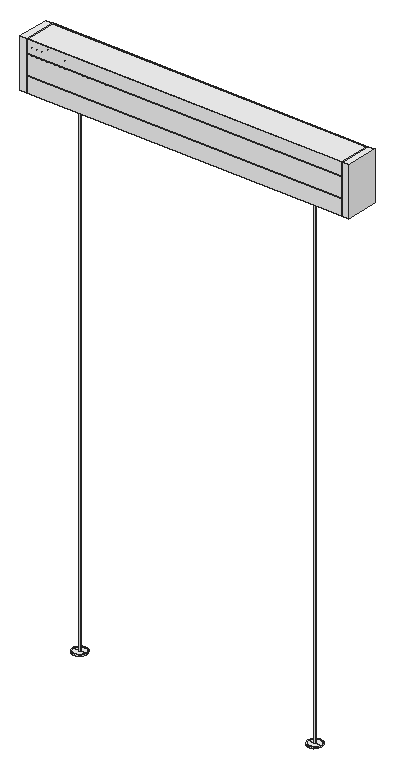
Revit family "2.3 inch  MAGIC WALL WASH LINEAR LIGHT", category Lighting Fixtures, host Face, Revit 2020 (continued)
Types (17): name | Wattage Comments | Wattage | Wall Mount | Suspenders Distance | Surface Mount | Recessed Mount | Photometric Web File | Pendent Mount | Order number | built-in parameter 1150142 | Model | built-in parameter 1150105 | Lumens | Light Source Height | Light Source Distance | built-in parameter 1150106 | Fixture Length
      785.52   774.35   \r\n 763.27   752.28   741.36   730.48   719.70   709.01   698.44   688.08   677.81   667.65   \r\n 657.58   647.74   638.05   628.45   618.92   609.47   600.14   590.90   581.73   572.65   \r\n 563.70   554.97   545.42   535.45   525.55   515.70   505.85   496.08   486.39   476.76   \r\n 467.22   457.87   448.57   439.34   430.17   421.06   412.03   403.07   394.18   385.35   \r\n 376.59   367.90   359.28   350.74   342.24   333.80   325.40   317.06   308.76   300.48   \r\n 292.41   284.47   276.58   268.73   260.93   253.18   245.50   237.86   230.27   222.71   \r\n 215.19   207.71   200.27   192.87   185.50   178.16   170.86   163.58   156.34   149.12   \r\n 141.94   134.78   127.64   120.53   113.45   106.39   101.50   97.30    93.12    88.96    \r\n 84.81    80.68    76.57    72.46    68.38    64.30    60.23    56.18    52.13    48.10    \r\n 44.07    40.05    36.04    32.03    28.03    24.04    20.04    16.06    12.07    8.08     \r\n 4.10     4.10     4.10     4.10     4.10     4.10     4.10     4.10     4.10     4.10     \r\n 4.10     4.10     4.10     4.10     4.10     4.10     4.10     4.10     4.10     4.10     \r\n 4.10     4.10     4.10     4.10     4.09     4.09     4.09     4.09     4.10     4.10     \r\n 4.10     4.09     4.09     4.09     4.09     4.08     4.08     4.07     4.06     4.06     \r\n 4.05     4.04     4.03     4.02     4.00     3.99     3.98     3.96     3.95     3.93     \r\n 3.91     3.90     3.89     3.89     3.88     3.88     3.88     3.88     3.88     3.88     \r\n 3.88     3.89     3.89     3.90     3.92     3.94     3.96     3.98     4.01     4.03     \r\n 4.06     4.10     4.14     4.19     4.23     4.27     4.32     4.37     4.41     4.47     \r\n 4.54     4.60     4.67     4.74     4.82     4.89     4.97     5.05     5.13     5.21     \r\n 5.30     5.37     5.45     5.53     5.61     5.68     5.75     5.81     5.88     5.94     \r\n 6.01     6.07     6.13     6.19     6.24     6.29     6.34     6.38     6.43     6.48     \r\n 6.50     6.48     6.46     6.44     6.42     6.40     6.38     6.36     6.34     6.32     \r\n 6.30     6.28     6.25     6.23     6.20     6.17     6.15     6.11     6.08     6.05     \r\n 6.01     5.98     5.95     5.93     5.90     5.86     5.83     5.79     5.76     5.73     \r\n 5.70     5.67     5.62     5.57     5.53     5.48     5.44     5.40     5.36     5.32     \r\n 5.28     5.24     5.20     5.17     5.13     5.09     5.05     5.02     4.98     4.95     \r\n 4.91     4.88     4.85     4.81     4.78     4.75     4.72     4.68     4.65     4.62     \r\n 4.59     4.56     4.53     4.50     4.47     4.44     4.41     4.37     4.34     4.30     \r\n 4.26     \r\n1793.11  1783.38  1773.66  1763.94  1754.22  1743.89  1733.57  1723.26  1712.96  1702.78  \r\n 1692.61  1682.45  1672.30  1661.85  1651.37  1640.89  1630.39  1619.84  1609.27  1598.69  \r\n 1588.10  1577.10  1566.09  1555.08  1544.10  1533.06  1522.06  1511.10  1500.19  1488.85  \r\n 1477.42  1466.01  1454.64  1443.23  1431.81  1417.88  1402.41  1386.68  1370.75  1354.91  \r\n 1339.17  1323.55  1308.06  1292.68  1277.40  1262.23  1247.24  1232.36  1217.60  1202.95  \r\n 1188.41  1173.98  1159.68  1145.51  1131.58  1117.86  1104.25  1090.74  1077.39  1064.53  \r\n 1051.79  1039.18  1026.70  1014.13  1001.55  989.07   976.69   964.51   952.16   939.12   \r\n 926.19   913.36   900.57   887.82   875.20   862.69   850.31   838.27   826.46   814.74   \r\n 803.12   791.59   780.17   768.89   757.73   746.70   735.79   725.04   714.41   703.88   \r\n 693.45   683.12   673.01   663.14   653.36   643.65   634.03   624.49   614.94   604.32   \r\n 593.48   582.72   572.04   561.48   551.08   540.76   530.52   520.35   510.25   500.24   \r\n 490.38   480.59   470.86   461.21   451.62   442.10   432.65   423.26   413.94   404.67   \r\n 395.46   386.32   377.23   368.23   359.32   350.45   341.63   332.90   324.48   316.10   \r\n 307.75   299.44   291.15   282.90   274.70   266.54   258.42   250.35   242.31   234.32   \r\n 226.37   218.45   210.57   202.73   194.91   187.13   179.37   171.65   163.95   156.28   \r\n 148.63   141.01   133.42   125.85   118.69   114.14   109.60   105.08   100.57   96.08    \r\n 91.60    87.14    82.68    78.24    73.82    69.40    64.99    60.59    56.20    51.82    \r\n 47.44    43.08    38.72    34.36    30.01    25.66    21.32    16.98    12.64    8.30     \r\n 3.96     3.96     3.96     3.96     3.96     3.96     3.96     3.96     3.96     3.96     \r\n 3.96     3.96     3.96     3.96     3.96     3.96     3.95     3.95     3.95     3.95     \r\n 3.95     3.94     3.94     3.94     3.93     3.93     3.92     3.91     3.89     3.87     \r\n 3.85     3.83     3.81     3.79     3.77     3.75     3.73     3.70     3.68     3.65     \r\n 3.62     3.60     3.58     3.56     3.54     3.52     3.50     3.49     3.47     3.45     \r\n 3.43     3.41     3.39     3.38     3.41     3.45     3.49     3.53     3.57     3.61     \r\n 3.65     3.69     3.73     3.77     3.81     3.85     3.90     3.94     3.98     4.03     \r\n 4.07     4.12     4.17     4.22     4.27     4.32     4.37     4.43     4.48     4.54     \r\n 4.59     4.65     4.71     4.79     4.86     4.93     5.00     5.08     5.15     5.21     \r\n 5.28     5.34     5.40     5.46     5.52     5.58     5.64     5.70     5.76     5.82     \r\n 5.88     5.94     5.99     6.05     6.10     6.16     6.22     6.27     6.32     6.36     \r\n 6.40     6.43     6.47     6.48     6.46     6.43     6.41     6.39     6.36     6.33     \r\n 6.30     6.26     6.23     6.20     6.17     6.15     6.12     6.08     6.04     6.00     \r\n 5.97     5.93     5.90     5.86     5.83     5.80     5.76     5.72     5.67     5.63     \r\n 5.59     5.55     5.50     5.46     5.42     5.37     5.33     5.29     5.25     5.22     \r\n 5.18     5.15     5.11     5.08     5.04     5.01     4.98     4.95     4.92     4.89     \r\n 4.86     4.82     4.79     4.76     4.73     4.70     4.68     4.65     4.62     4.59     \r\n 4.56     4.54     4.51     4.48     4.45     4.42     4.40     4.36     4.33     4.29     \r\n 4.26     \r\n1793.11  1784.37  1775.63  1766.89  1758.16  1749.29  1740.05  1730.82  1721.59  1712.38  \r\n 1703.22  1694.11  1685.02  1675.94  1666.88  1657.58  1648.21  1638.83  1629.44  1620.04  \r\n 1610.60  1601.14  1591.68  1582.20  1572.66  1562.87  1553.09  1543.33  1533.59  1523.86  \r\n 1514.16  1504.51  1494.90  1485.07  1470.87  1456.43  1442.05  1427.72  1413.44  1399.18  \r\n 1384.94  1370.76  1356.63  1342.57  1328.34  1314.01  1299.76  1285.60  1271.52  1257.57  \r\n 1243.74  1230.01  1216.37  1202.82  1189.40  1176.16  1163.03  1149.99  1137.05  1124.22  \r\n 1111.53  1098.95  1086.47  1074.11  1061.85  1049.75  1035.36  1021.10  1006.98  993.00   \r\n 979.22   965.88   952.66   939.55   926.56   913.68   900.85   888.08   875.46   862.98   \r\n 850.64   838.45   826.64   815.09   803.63   792.26   780.97   769.77   758.66   747.66   \r\n 736.76   725.96   715.25   704.63   694.12   683.78   673.00   661.40   649.90   638.47   \r\n 627.14   615.92   604.93   594.00   583.14   572.35   561.63   550.97   540.38   529.83   \r\n 519.35   508.95   498.61   488.34   478.15   468.02   457.96   448.01   438.11   428.27   \r\n 418.49   408.75   399.07   389.44   379.86   370.45   361.47   352.53   343.63   334.77   \r\n 325.95   317.16   308.42   299.71   291.04   282.41   273.82   265.26   256.74   248.25   \r\n 239.80   231.37   222.98   214.61   206.28   197.97   189.69   181.44   173.21   165.02   \r\n 156.84   148.69   140.56   133.40   128.47   123.56   118.65   113.77   108.89   104.03   \r\n 99.18    94.34    89.51    84.70    79.89    75.09    70.30    65.52    60.74    55.97    \r\n 51.21    46.46    41.71    36.96    32.22    27.48    22.75    18.01    13.28    8.55     \r\n 3.82     3.82     3.82     3.82     3.82     3.82     3.82     3.82     3.81     3.81     \r\n 3.81     3.81     3.81     3.80     3.80     3.80     3.80     3.79     3.79     3.79     \r\n 3.78     3.78     3.77     3.77     3.77     3.76     3.75     3.75     3.73     3.72     \r\n 3.70     3.68     3.67     3.65     3.64     3.62     3.61     3.59     3.58     3.57     \r\n 3.55     3.54     3.53     3.51     3.50     3.49     3.47     3.46     3.45     3.44     \r\n 3.43     3.42     3.41     3.40     3.39     3.38     3.42     3.46     3.51     3.56     \r\n 3.61     3.66     3.71     3.76     3.81     3.87     3.92     3.97     4.03     4.08     \r\n 4.13     4.19     4.24     4.30     4.36     4.42     4.47     4.53     4.59     4.65     \r\n 4.72     4.78     4.85     4.92     5.00     5.07     5.14     5.22     5.30     5.38     \r\n 5.46     5.54     5.61     5.68     5.74     5.80     5.87     5.92     5.98     6.02     \r\n 6.06     6.10     6.13     6.16     6.20     6.22     6.25     6.27     6.29     6.30     \r\n 6.32     6.34     6.36     6.37     6.39     6.40     6.37     6.33     6.28     6.24     \r\n 6.20     6.16     6.13     6.09     6.05     6.02     5.98     5.95     5.92     5.88     \r\n 5.85     5.81     5.78     5.74     5.70     5.66     5.63     5.58     5.54     5.50     \r\n 5.46     5.41     5.37     5.33     5.29     5.25     5.20     5.16     5.13     5.10     \r\n 5.07     5.04     5.01     4.98     4.96     4.93     4.90     4.87     4.84     4.82     \r\n 4.79     4.76     4.73     4.71     4.68     4.66     4.63     4.61     4.58     4.56     \r\n 4.53     4.51     4.48     4.46     4.43     4.41     4.38     4.35     4.32     4.29     \r\n 4.26     \r\n1793.11  1785.42  1777.73  1770.05  1762.37  1754.69  1746.95  1738.86  1730.78  1722.71  \r\n 1714.64  1706.59  1698.56  1690.60  1682.65  1674.71  1666.78  1658.86  1650.85  1642.66  \r\n 1634.46  1626.26  1618.05  1609.83  1601.60  1593.33  1585.07  1576.80  1568.52  1560.24  \r\n 1551.86  1543.40  1534.17  1521.14  1508.15  1495.19  1482.28  1469.44  1456.64  1443.88  \r\n 1431.17  1418.49  1405.75  1392.74  1379.78  1366.87  1354.00  1341.18  1328.40  1315.65  \r\n 1302.94  1290.29  1277.68  1265.13  1252.63  1240.07  1227.49  1214.99  1202.55  1190.18  \r\n 1177.89  1165.66  1153.61  1141.63  1127.37  1112.85  1098.44  1084.14  1069.97  1056.03  \r\n 1042.20  1028.49  1014.88  1001.38  987.99   974.71   961.54   948.47   935.50   922.63   \r\n 909.85   897.18   884.60   872.23   860.01   847.89   835.88   823.97   812.17   800.46   \r\n 788.86   777.46   766.15   754.93   743.18   730.74   718.38   706.11   693.92   681.89   \r\n 669.96   658.10   646.32   634.60   622.96   611.40   599.90   588.47   577.14   565.91   \r\n 554.74   543.65   532.62   521.66   510.77   499.94   489.18   478.48   467.82   457.19   \r\n 446.61   436.09   425.62   415.21   405.49   395.84   386.24   376.68   367.16   357.69   \r\n 348.29   338.93   329.60   320.31   311.05   301.82   292.63   283.46   274.32   265.21   \r\n 256.13   247.08   238.06   229.06   220.09   211.15   202.24   193.35   184.48   175.64   \r\n 166.82   158.01   150.14   144.79   139.45   134.12   128.81   123.51   118.22   112.94   \r\n 107.67   102.41   97.15    91.91    86.68    81.45    76.23    71.02    65.82    60.62    \r\n 55.42    50.23    45.05    39.87    34.69    29.51    24.34    19.17    14.00    8.84     \r\n 3.67     3.66     3.66     3.65     3.64     3.64     3.63     3.62     3.62     3.61     \r\n 3.60     3.59     3.59     3.58     3.57     3.56     3.55     3.55     3.54     3.53     \r\n 3.52     3.51     3.50     3.49     3.48     3.47     3.45     3.44     3.43     3.43     \r\n 3.42     3.42     3.42     3.41     3.41     3.41     3.41     3.41     3.41     3.41     \r\n 3.41     3.41     3.41     3.42     3.42     3.42     3.43     3.43     3.43     3.44     \r\n 3.45     3.45     3.46     3.47     3.48     3.49     3.50     3.51     3.57     3.64     \r\n 3.70     3.77     3.84     3.91     3.98     4.05     4.12     4.20     4.27     4.35     \r\n 4.43     4.51     4.60     4.68     4.75     4.83     4.91     4.99     5.06     5.14     \r\n 5.22     5.30     5.38     5.46     5.53     5.61     5.68     5.73     5.76     5.79     \r\n 5.82     5.84     5.87     5.89     5.91     5.94     5.96     5.98     6.00     6.03     \r\n 6.05     6.07     6.09     6.10     6.11     6.12     6.13     6.13     6.13     6.14     \r\n 6.13     6.13     6.13     6.13     6.13     6.13     6.13     6.12     6.10     6.07     \r\n 6.04     6.01     5.97     5.94     5.91     5.88     5.84     5.80     5.76     5.72     \r\n 5.68     5.64     5.60     5.56     5.53     5.49     5.45     5.41     5.37     5.33     \r\n 5.30     5.26     5.22     5.18     5.15     5.11     5.08     5.05     5.01     4.99     \r\n 4.96     4.94     4.91     4.89     4.86     4.84     4.81     4.79     4.77     4.74     \r\n 4.72     4.70     4.67     4.65     4.63     4.61     4.58     4.56     4.54     4.52     \r\n 4.50     4.47     4.45     4.43     4.41     4.38     4.36     4.33     4.31     4.29     \r\n 4.26     \r\n1793.11  1786.53  1779.95  1773.38  1766.81  1760.24  1753.67  1747.10  1740.45  1733.58  \r\n 1726.72  1719.87  1713.02  1706.17  1699.34  1692.51  1685.72  1678.97  1672.23  1665.50  \r\n 1658.78  1652.07  1645.37  1638.68  1631.83  1624.88  1617.94  1610.99  1604.04  1597.08  \r\n 1590.13  1583.17  1571.35  1559.51  1547.71  1535.95  1524.21  1512.52  1500.85  1489.22  \r\n 1477.53  1465.81  1454.12  1442.46  1430.83  1419.22  1407.65  1396.10  1384.61  1373.19  \r\n 1361.80  1350.44  1339.12  1327.83  1316.58  1305.36  1294.17  1282.80  1271.41  1260.06  \r\n 1248.75  1237.47  1225.39  1211.03  1196.76  1182.56  1168.44  1154.41  1140.46  1126.59  \r\n 1112.80  1099.09  1085.46  1071.91  1058.44  1044.98  1031.57  1018.24  1004.98  991.80   \r\n 978.70   965.67   952.72   939.84   927.04   914.38   901.83   889.36   876.96   864.63   \r\n 852.38   840.20   828.07   814.59   801.19   787.87   774.75   761.70   748.72   735.81   \r\n 722.97   710.20   697.49   684.86   672.29   659.78   647.34   634.97   622.63   610.36   \r\n 598.16   586.02   573.94   561.92   549.96   538.07   526.23   514.45   502.72   491.06   \r\n 479.44   467.91   456.79   446.48   436.20   425.96   415.75   405.57   395.43   385.31   \r\n 375.22   365.17   355.14   345.14   335.17   325.23   315.31   305.42   295.56   285.72   \r\n 275.91   266.12   256.36   246.61   236.89   227.18   217.50   207.83   198.18   188.55   \r\n 178.94   169.43   163.60   157.78   151.97   146.17   140.39   134.61   128.84   123.08   \r\n 117.33   111.59   105.86   100.13   94.41    88.70    82.99    77.29    71.59    65.90    \r\n 60.21    54.53    48.85    43.18    37.50    31.83    26.16    20.50    14.83    9.17     \r\n 3.50     3.48     3.46     3.44     3.42     3.40     3.38     3.36     3.34     3.32     \r\n 3.30     3.27     3.25     3.23     3.21     3.18     3.16     3.13     3.11     3.08     \r\n 3.06     3.03     3.01     2.98     2.95     2.92     2.89     2.86     2.83     2.80     \r\n 2.82     2.84     2.86     2.88     2.90     2.93     2.95     2.97     3.00     3.02     \r\n 3.05     3.08     3.11     3.14     3.18     3.22     3.25     3.29     3.33     3.36     \r\n 3.40     3.44     3.48     3.52     3.56     3.60     3.63     3.67     3.71     3.78     \r\n 3.85     3.93     4.00     4.08     4.15     4.23     4.30     4.38     4.46     4.53     \r\n 4.61     4.69     4.76     4.84     4.92     4.99     5.06     5.13     5.20     5.28     \r\n 5.35     5.42     5.49     5.56     5.63     5.70     5.77     5.84     5.91     5.92     \r\n 5.93     5.93     5.94     5.95     5.95     5.96     5.96     5.96     5.96     5.96     \r\n 5.96     5.96     5.96     5.96     5.96     5.96     5.95     5.95     5.94     5.93     \r\n 5.92     5.92     5.91     5.90     5.89     5.88     5.88     5.87     5.86     5.83     \r\n 5.80     5.76     5.73     5.69     5.66     5.62     5.59     5.55     5.52     5.48     \r\n 5.45     5.42     5.38     5.35     5.32     5.29     5.26     5.23     5.20     5.17     \r\n 5.14     5.11     5.08     5.05     5.02     4.98     4.95     4.92     4.89     4.86     \r\n 4.84     4.82     4.80     4.78     4.76     4.74     4.72     4.70     4.68     4.66     \r\n 4.64     4.62     4.61     4.59     4.57     4.55     4.53     4.51     4.49     4.47     \r\n 4.46     4.44     4.42     4.4
    0     4.38     4.36     4.34     4.32     4.30     4.28     \r\n 4.26     \r\n1793.11  1787.69  1782.28  1776.86  1771.45  1766.03  1760.62  1755.22  1749.81  1744.40  \r\n 1739.00  1733.60  1728.11  1722.51  1716.92  1711.34  1705.76  1700.18  1694.61  1689.05  \r\n 1683.49  1677.94  1672.40  1666.86  1661.37  1655.89  1650.42  1644.96  1639.50  1634.06  \r\n 1628.62  1620.31  1609.73  1599.16  1588.61  1578.08  1567.40  1556.73  1546.10  1535.49  \r\n 1524.92  1514.37  1503.85  1493.36  1482.90  1472.47  1462.07  1451.70  1441.32  1430.94  \r\n 1420.59  1410.27  1399.97  1389.69  1379.45  1369.22  1359.02  1348.85  1338.70  1328.58  \r\n 1318.49  1307.43  1293.54  1279.71  1265.93  1252.21  1238.53  1224.91  1211.34  1197.82  \r\n 1184.36  1170.94  1157.58  1144.26  1131.00  1117.81  1104.66  1091.55  1078.49  1065.48  \r\n 1052.51  1039.59  1026.70  1013.87  1001.07  988.32   975.61   962.95   950.33   937.74   \r\n 925.16   912.41   898.23   884.11   870.03   856.01   842.04   828.12   814.25   800.42   \r\n 786.65   772.93   759.25   745.62   732.04   718.51   705.02   691.58   678.18   664.84   \r\n 651.53   638.27   625.05   611.88   598.74   585.65   572.60   559.58   546.61   533.67   \r\n 520.77   508.30   497.09   485.90   474.75   463.62   452.53   441.46   430.42   419.41   \r\n 408.45   397.50   386.58   375.68   364.80   353.95   343.12   332.30   321.51   310.74   \r\n 299.99   289.26   278.54   267.84   257.17   246.50   235.86   225.23   214.61   204.01   \r\n 193.43   185.23   178.88   172.53   166.19   159.86   153.54   147.22   140.92   134.61   \r\n 128.32   122.03   115.75   109.47   103.20   96.93    90.67    84.41    78.15    71.90    \r\n 65.65    59.41    53.17    46.93    40.69    34.45    28.22    21.99    15.75    9.52     \r\n 3.29     3.27     3.25     3.23     3.21     3.20     3.18     3.16     3.14     3.12     \r\n 3.10     3.08     3.06     3.04     3.02     3.00     2.99     2.97     2.95     2.93     \r\n 2.91     2.89     2.87     2.86     2.84     2.82     2.80     2.78     2.77     2.75     \r\n 2.76     2.81     2.86     2.92     2.97     3.02     3.07     3.13     3.18     3.23     \r\n 3.29     3.34     3.40     3.45     3.51     3.56     3.62     3.68     3.73     3.79     \r\n 3.85     3.91     3.97     4.02     4.07     4.13     4.18     4.23     4.29     4.34     \r\n 4.39     4.44     4.48     4.53     4.58     4.63     4.67     4.72     4.76     4.81     \r\n 4.85     4.90     4.94     4.99     5.03     5.08     5.12     5.17     5.22     5.26     \r\n 5.31     5.36     5.40     5.45     5.50     5.54     5.59     5.64     5.68     5.73     \r\n 5.74     5.74     5.74     5.74     5.74     5.73     5.73     5.73     5.73     5.72     \r\n 5.72     5.71     5.70     5.70     5.69     5.68     5.67     5.66     5.65     5.64     \r\n 5.63     5.62     5.61     5.60     5.59     5.58     5.56     5.55     5.54     5.53     \r\n 5.51     5.48     5.45     5.43     5.40     5.37     5.35     5.32     5.29     5.27     \r\n 5.24     5.21     5.19     5.16     5.13     5.11     5.08     5.05     5.03     5.00     \r\n 4.97     4.95     4.92     4.89     4.87     4.84     4.81     4.79     4.76     4.74     \r\n 4.71     4.70     4.68     4.67     4.65     4.64     4.62     4.61     4.59     4.58     \r\n 4.56     4.54     4.53     4.51     4.50     4.48     4.47     4.46     4.44     4.43     \r\n 4.41     4.40     4.38     4.36     4.35     4.33     4.32     4.30     4.29     4.28     \r\n 4.26     \r\n1793.11  1788.89  1784.68  1780.47  1776.25  1772.04  1767.83  1763.62  1759.41  1755.20  \r\n 1750.99  1746.79  1742.58  1738.38  1734.18  1729.98  1725.78  1721.58  1717.39  1713.19  \r\n 1709.00  1704.82  1700.63  1696.45  1692.18  1687.91  1683.64  1679.38  1675.12  1670.86  \r\n 1666.61  1657.64  1648.09  1638.56  1629.04  1619.54  1610.05  1600.57  1591.10  1581.65  \r\n 1572.21  1562.78  1553.37  1543.96  1534.58  1525.20  1515.84  1506.49  1497.14  1487.79  \r\n 1478.45  1469.12  1459.80  1450.49  1441.19  1431.89  1422.61  1413.33  1404.07  1394.81  \r\n 1385.56  1373.15  1360.02  1346.91  1333.81  1320.74  1307.68  1294.65  1281.63  1268.63  \r\n 1255.65  1242.68  1229.74  1216.82  1203.91  1191.02  1178.14  1165.29  1152.45  1139.63  \r\n 1126.83  1114.05  1101.29  1088.54  1075.81  1063.10  1050.40  1037.73  1025.07  1012.42  \r\n 999.80   985.58   970.93   956.30   941.70   927.12   912.57   898.03   883.52   869.04   \r\n 854.57   840.13   825.71   811.31   796.93   782.58   768.24   753.91   739.60   725.30   \r\n 711.04   696.79   682.57   668.37   654.20   640.04   625.91   611.80   597.70   583.63   \r\n 569.58   557.07   544.93   532.81   520.70   508.61   496.53   484.47   472.43   460.40   \r\n 448.38   436.38   424.40   412.42   400.46   388.52   376.59   364.67   352.76   340.86   \r\n 328.98   317.11   305.25   293.39   281.55   269.72   257.90   246.09   234.29   222.50   \r\n 210.72   203.24   196.30   189.36   182.43   175.50   168.58   161.65   154.74   147.82   \r\n 140.91   134.00   127.09   120.19   113.29   106.39   99.50    92.61    85.71    78.82    \r\n 71.94    65.05    58.17    51.28    44.40    37.52    30.64    23.76    16.88    10.00    \r\n 3.12     3.11     3.11     3.11     3.10     3.10     3.10     3.09     3.09     3.09     \r\n 3.08     3.08     3.07     3.07     3.07     3.06     3.06     3.06     3.05     3.05     \r\n 3.05     3.04     3.04     3.04     3.04     3.03     3.03     3.03     3.03     3.02     \r\n 3.03     3.08     3.13     3.19     3.24     3.29     3.35     3.40     3.45     3.51     \r\n 3.56     3.61     3.67     3.72     3.77     3.83     3.88     3.93     3.98     4.04     \r\n 4.09     4.14     4.19     4.25     4.30     4.35     4.40     4.46     4.51     4.56     \r\n 4.61     4.64     4.67     4.71     4.74     4.77     4.80     4.83     4.87     4.90     \r\n 4.93     4.96     4.99     5.02     5.05     5.09     5.12     5.15     5.18     5.21     \r\n 5.24     5.27     5.29     5.32     5.35     5.38     5.41     5.44     5.46     5.49     \r\n 5.51     5.50     5.50     5.49     5.48     5.47     5.46     5.45     5.44     5.43     \r\n 5.43     5.42     5.41     5.40     5.39     5.38     5.37     5.36     5.35     5.34     \r\n 5.33     5.32     5.31     5.30     5.29     5.28     5.26     5.25     5.24     5.23     \r\n 5.22     5.20     5.18     5.15     5.13     5.11     5.09     5.07     5.04     5.02     \r\n 5.00     4.98     4.96     4.94     4.91     4.89     4.87     4.85     4.83     4.81     \r\n 4.78     4.76     4.74     4.72     4.70     4.67     4.65     4.63     4.61     4.59     \r\n 4.57     4.56     4.54     4.53     4.52     4.51     4.50     4.49     4.48     4.47     \r\n 4.46     4.45     4.44     4.43     4.42     4.41     4.40     4.39     4.38     4.37     \r\n 4.36     4.35     4.34     4.33     4.32     4.31     4.30     4.29     4.28     4.27     \r\n 4.26     \r\n1793.11  1790.13  1787.15  1784.17  1781.19  1778.20  1775.22  1772.24  1769.26  1766.28  \r\n 1763.30  1760.32  1757.34  1754.36  1751.38  1748.40  1745.42  1742.44  1739.46  1736.48  \r\n 1733.49  1730.51  1727.53  1724.55  1721.57  1718.59  1715.61  1712.63  1709.65  1706.67  \r\n 1703.69  1695.24  1686.79  1678.34  1669.89  1661.44  1652.99  1644.54  1636.08  1627.63  \r\n 1619.18  1610.73  1602.28  1593.83  1585.38  1576.93  1568.48  1560.03  1551.58  1543.13  \r\n 1534.68  1526.23  1517.78  1509.33  1500.88  1492.43  1483.98  1475.53  1467.08  1458.63  \r\n 1450.18  1437.66  1425.14  1412.62  1400.10  1387.59  1375.07  1362.55  1350.03  1337.51  \r\n 1324.99  1312.47  1299.96  1287.44  1274.92  1262.40  1249.88  1237.36  1224.85  1212.33  \r\n 1199.81  1187.29  1174.77  1162.25  1149.73  1137.22  1124.70  1112.18  1099.66  1087.14  \r\n 1074.62  1059.58  1044.53  1029.48  1014.43  999.38   984.34   969.29   954.24   939.19   \r\n 924.15   909.10   894.05   879.00   863.95   848.91   833.86   818.81   803.76   788.72   \r\n 773.67   758.62   743.57   728.52   713.48   698.43   683.38   668.33   653.28   638.24   \r\n 623.19   610.10   597.01   583.92   570.83   557.75   544.66   531.57   518.48   505.39   \r\n 492.30   479.21   466.12   453.03   439.95   426.86   413.77   400.68   387.59   374.50   \r\n 361.41   348.32   335.24   322.15   309.06   295.97   282.88   269.79   256.70   243.61   \r\n 230.53   222.94   215.36   207.77   200.19   192.60   185.02   177.43   169.85   162.26   \r\n 154.68   147.09   139.51   131.92   124.34   116.75   109.17   101.58   94.00    86.41    \r\n 78.83    71.24    63.66    56.07    48.49    40.91    33.32    25.74    18.15    10.57    \r\n 2.98     2.99     3.01     3.02     3.03     3.04     3.06     3.07     3.08     3.09     \r\n 3.11     3.12     3.13     3.14     3.16     3.17     3.18     3.19     3.21     3.22     \r\n 3.23     3.24     3.26     3.27     3.28     3.29     3.31     3.32     3.33     3.34     \r\n 3.36     3.40     3.44     3.47     3.51     3.55     3.59     3.63     3.67     3.71     \r\n 3.75     3.79     3.83     3.87     3.91     3.95     3.99     4.03     4.06     4.10     \r\n 4.14     4.18     4.22     4.26     4.30     4.34     4.38     4.42     4.46     4.50     \r\n 4.54     4.56     4.58     4.60     4.62     4.64     4.66     4.69     4.71     4.73     \r\n 4.75     4.77     4.79     4.81     4.83     4.86     4.88     4.90     4.92     4.94     \r\n 4.96     4.98     5.00     5.03     5.05     5.07     5.09     5.11     5.13     5.15     \r\n 5.17     5.16     5.16     5.15     5.14     5.13     5.12     5.11     5.10     5.10     \r\n 5.09     5.08     5.07     5.06     5.05     5.04     5.04     5.03     5.02     5.01     \r\n 5.00     4.99     4.98     4.97     4.97     4.96     4.95     4.94     4.93     4.92     \r\n 4.91     4.90     4.88     4.86     4.84     4.83     4.81     4.79     4.77     4.76     \r\n 4.74     4.72     4.70     4.69     4.67     4.65     4.63     4.62     4.60     4.58     \r\n 4.56     4.55     4.53     4.51     4.49     4.48     4.46     4.44     4.42     4.41     \r\n 4.39     4.39     4.38     4.38     4.37     4.37     4.36     4.36     4.36     4.35     \r\n 4.35     4.34     4.34     4.33     4.33     4.33     4.32     4.32     4.31     4.31     \r\n 4.30     4.30     4.30     4.29     4.29     4.28     4.28     4.27     4.27     4.27     \r\n 4.26     \r\n" | "MAG1223-SW1-PSM-WID-FDL" | 366.06 (stored number, unit not read) | 4600 lm | 3' - 4" | 0' - 0" | 3.6606 (stored number, unit not read) | 3' - 11 23/32"
  MAG2423-SW1-PSM-WID-FDL | "40W/60W/80W" | 61.9354 W | no | 7' - 4 133/256" | yes | no | "generic" | yes | "18365" | (empty or 0) | "MAG2423-SW1-PSM-WID-FDL" | 732.11 (stored number, unit not read) | 9200 lm | 3' - 4" | 0' - 0" | 7.3211 (stored number, unit not read) | 7' - 11 61/256"
  MAG0623-SW1-WM-WID-FDL | "10W/15W/20W" | 15.4838 W | yes | 1' - 4 251/256" | no | no | "generic" | no | "18366" | (empty or 0) | "MAG0623-SW1-WM-WID-FDL" | 183.03 (stored number, unit not read) | 2300 lm | 0' - 1 1/2" | 0' - 3" | 1.8303 (stored number, unit not read) | 1' - 11 179/256"
  MAG0923-SW1-WM-WID-FDL | "15W/20W/30W" | 23.2258 W | yes | 2' - 4 127/128" | no | no | "generic" | no | "18367" | (empty or 0) | "MAG0923-SW1-WM-WID-FDL" | 274.54 (stored number, unit not read) | 3450 lm | 0' - 1 1/2" | 0' - 3" | 2.7454 (stored number, unit not read) | 2' - 11 91/128"
